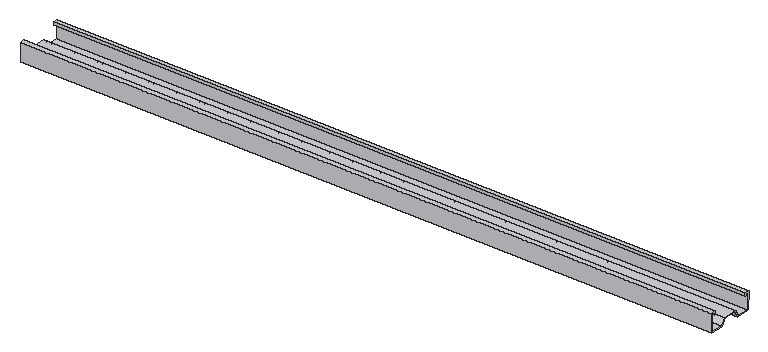
Revit family "TSN SigmaStud Two Lip", category Structural Framing, Revit 2026
Family settings
  Section Shape = Not Defined
  Material for Model Behavior = Other
  Always export as geometry = No
  Classification Number = 23.25.30.11.14.14
  Always vertical = Yes
  Cut with Voids When Loaded = No
  Symbolic Representation = From Family
  Shared = No
  Show family pre-cut in plan views = Yes
Parameters (values of type "800SG300-118, 50ksi")
  d2 = 0' - 0 1/2"
  d1 = 0' - 0.768"
  Version = "2.0"
  URL = "http://www.steelnetwork.com/product.aspx/SigmaStud"
  T = 0' - 0.124"
  Section_DB = 7
  N = 0' - 2 1/4"
  Manufacturer = "The Steel Network, Inc."
  Length [instance] = 10' - 0"
  Delta = T / tan(45.00° + Ceta / 2)  # 0' - 0.06873"
  D = 0' - 8"
  Ceta = atan((D / 2 - A - N / 2) / C)  # 32.0054°
  C = 0' - 1"
  B = 0' - 3"
  A = 0' - 2 1/4"
Types (37): name | d2 | d1 | T | Delta | D | B | A
  (no name) | 0' - 0 125/256" | 0' - 0 1/2" | 0' - 0 3/64" | 0' - 0.02598" | 0' - 8" | 0' - 1 5/8" | 0' - 2 1/4"
  550SG200-33, 50ksi | 0' - 0 1/2" | 0' - 0.5892" | 0' - 0.0346" | 0' - 0.01918" | 0' - 5 1/2" | 0' - 2" | 0' - 1"
  550SG200-43, 50ksi | 0' - 0 1/2" | 0' - 0.6102" | 0' - 0.0451" | 0' - 0.025" | 0' - 5 1/2" | 0' - 2" | 0' - 1"
  550SG250-33, 50ksi | 0' - 0 1/2" | 0' - 0.5892" | 0' - 0.0346" | 0' - 0.01918" | 0' - 5 1/2" | 0' - 2 1/2" | 0' - 1"
  550SG250-43, 50ksi | 0' - 0 1/2" | 0' - 0.6102" | 0' - 0.0451" | 0' - 0.025" | 0' - 5 1/2" | 0' - 2 1/2" | 0' - 1"
  550SG250-54, 50ksi | 0' - 0 1/2" | 0' - 0.6332" | 0' - 0.0566" | 0' - 0.03137" | 0' - 5 1/2" | 0' - 2 1/2" | 0' - 1"
  550SG250-68, 50ksi | 0' - 0 1/2" | 0' - 0.6626" | 0' - 0.0713" | 0' - 0.03952" | 0' - 5 1/2" | 0' - 2 1/2" | 0' - 1"
  550SG250-97, 50ksi | 0' - 0 1/2" | 0' - 0.7234" | 0' - 0.1017" | 0' - 0.05637" | 0' - 5 1/2" | 0' - 2 1/2" | 0' - 1"
  550SG300-43, 50ksi | 0' - 0 1/2" | 0' - 0.6102" | 0' - 0.0451" | 0' - 0.025" | 0' - 5 1/2" | 0' - 3" | 0' - 1"
  550SG300-54, 50ksi | 0' - 0 1/2" | 0' - 0.6332" | 0' - 0.0566" | 0' - 0.03137" | 0' - 5 1/2" | 0' - 3" | 0' - 1"
  550SG300-68, 50ksi | 0' - 0 1/2" | 0' - 0.6626" | 0' - 0.0713" | 0' - 0.03952" | 0' - 5 1/2" | 0' - 3" | 0' - 1"
  550SG300-97, 50ksi | 0' - 0 1/2" | 0' - 0.7234" | 0' - 0.1017" | 0' - 0.05637" | 0' - 5 1/2" | 0' - 3" | 0' - 1"
  550SG300-118, 50ksi | 0' - 0 1/2" | 0' - 0.768" | 0' - 0.124" | 0' - 0.06873" | 0' - 5 1/2" | 0' - 3" | 0' - 1"
  600SG200-33, 50ksi | 0' - 0 1/2" | 0' - 0.5892" | 0' - 0.0346" | 0' - 0.01918" | 0' - 6" | 0' - 2" | 0' - 1 1/4"
  600SG200-43, 50ksi | 0' - 0 1/2" | 0' - 0.6102" | 0' - 0.0451" | 0' - 0.025" | 0' - 6" | 0' - 2" | 0' - 1 1/4"
  600SG250-33, 50ksi | 0' - 0 1/2" | 0' - 0.5892" | 0' - 0.0346" | 0' - 0.01918" | 0' - 6" | 0' - 2 1/2" | 0' - 1 1/4"
  600SG250-43, 50ksi | 0' - 0 1/2" | 0' - 0.6102" | 0' - 0.0451" | 0' - 0.025" | 0' - 6" | 0' - 2 1/2" | 0' - 1 1/4"
  600SG250-54, 50ksi | 0' - 0 1/2" | 0' - 0.6332" | 0' - 0.0566" | 0' - 0.03137" | 0' - 6" | 0' - 2 1/2" | 0' - 1 1/4"
  600SG250-68, 50ksi | 0' - 0 1/2" | 0' - 0.6626" | 0' - 0.0713" | 0' - 0.03952" | 0' - 6" | 0' - 2 1/2" | 0' - 1 1/4"
  600SG250-97, 50ksi | 0' - 0 1/2" | 0' - 0.7234" | 0' - 0.1017" | 0' - 0.05637" | 0' - 6" | 0' - 2 1/2" | 0' - 1 1/4"
  600SG300-43, 50ksi | 0' - 0 1/2" | 0' - 0.6102" | 0' - 0.0451" | 0' - 0.025" | 0' - 6" | 0' - 3" | 0' - 1 1/4"
  600SG300-54, 50ksi | 0' - 0 1/2" | 0' - 0.6332" | 0' - 0.0566" | 0' - 0.03137" | 0' - 6" | 0' - 3" | 0' - 1 1/4"
  600SG300-68, 50ksi | 0' - 0 1/2" | 0' - 0.6626" | 0' - 0.0713" | 0' - 0.03952" | 0' - 6" | 0' - 3" | 0' - 1 1/4"
  600SG300-97, 50ksi | 0' - 0 1/2" | 0' - 0.7234" | 0' - 0.1017" | 0' - 0.05637" | 0' - 6" | 0' - 3" | 0' - 1 1/4"
  600SG300-118, 50ksi | 0' - 0 1/2" | 0' - 0.768" | 0' - 0.124" | 0' - 0.06873" | 0' - 6" | 0' - 3" | 0' - 1 1/4"
  800SG200-33, 50ksi | 0' - 0 1/2" | 0' - 0.5892" | 0' - 0.0346" | 0' - 0.01918" | 0' - 8" | 0' - 2" | 0' - 2 1/4"
  800SG200-43, 50ksi | 0' - 0 1/2" | 0' - 0.6102" | 0' - 0.0451" | 0' - 0.025" | 0' - 8" | 0' - 2" | 0' - 2 1/4"
  800SG250-33, 50ksi | 0' - 0 1/2" | 0' - 0.5892" | 0' - 0.0346" | 0' - 0.01918" | 0' - 8" | 0' - 2 1/2" | 0' - 2 1/4"
  800SG250-43, 50ksi | 0' - 0 1/2" | 0' - 0.6102" | 0' - 0.0451" | 0' - 0.025" | 0' - 8" | 0' - 2 1/2" | 0' - 2 1/4"
  800SG250-54, 50ksi | 0' - 0 1/2" | 0' - 0.6332" | 0' - 0.0566" | 0' - 0.03137" | 0' - 8" | 0' - 2 1/2" | 0' - 2 1/4"
  800SG250-68, 50ksi | 0' - 0 1/2" | 0' - 0.6626" | 0' - 0.0713" | 0' - 0.03952" | 0' - 8" | 0' - 2 1/2" | 0' - 2 1/4"
  800SG250-97, 50ksi | 0' - 0 1/2" | 0' - 0.7234" | 0' - 0.1017" | 0' - 0.05637" | 0' - 8" | 0' - 2 1/2" | 0' - 2 1/4"
  800SG300-43, 50ksi | 0' - 0 1/2" | 0' - 0.6102" | 0' - 0.0451" | 0' - 0.025" | 0' - 8" | 0' - 3" | 0' - 2 1/4"
  800SG300-54, 50ksi | 0' - 0 1/2" | 0' - 0.6332" | 0' - 0.0566" | 0' - 0.03137" | 0' - 8" | 0' - 3" | 0' - 2 1/4"
  800SG300-68, 50ksi | 0' - 0 1/2" | 0' - 0.6626" | 0' - 0.0713" | 0' - 0.03952" | 0' - 8" | 0' - 3" | 0' - 2 1/4"
  800SG300-97, 50ksi | 0' - 0 1/2" | 0' - 0.7234" | 0' - 0.1017" | 0' - 0.05637" | 0' - 8" | 0' - 3" | 0' - 2 1/4"
  800SG300-118, 50ksi | 0' - 0 1/2" | 0' - 0.768" | 0' - 0.124" | 0' - 0.06873" | 0' - 8" | 0' - 3" | 0' - 2 1/4"
Reference planes (in)
  plane 1 "Center (Front/Back)": y = 0
  plane 2 "Center El.": z = 0
  plane 3 "Center (Left/Right)": x = 0
  plane 4 "Left": x = -60
  plane 5 "Right": x = 60
  plane 6: z = 0
  plane 7: y = -1.125
  plane 8: y = 1.125
  plane 9: y = -1.75
  plane 10: y = 1.75527
  plane 11: y = -1.81873
  plane 12: y = 1.824
  plane 13: y = -1.19373
  plane 14: y = 1.19373
Forms (in)
  Extrusion 1, solid
    sketch origin (60, 0, 0) x (0, -1, 0) y (0, 0, 1)
      loop
        line (3.232, 3) -> (3.232, 2.5) -> (3.356, 2.5) -> (3.356, 2.876) -> (3.876, 2.876) -> (3.876, 0.124) -> (1.81873, 0.124) -> (1.19373, 1.124) -> (-1.19373, 1.124) -> (-1.824, 0.124) -> (-3.876, 0.124) -> (-3.876, 2.876) -> (-3.356, 2.876) -> (-3.356, 2.5) -> (-3.232, 2.5) -> (-3.232, 3) -> (-4, 3) -> (-4, 0) -> (-1.75527, 0) -> (-1.125, 1) -> (1.125, 1) -> (1.75, 0) -> (4, 0) -> (4, 3) -> (3.232, 3)
    from 0 to 120
Lines and regions (in)
  model lines, style "Stick Symbols", detail levels coarse
    curve 1: line (-60, 0, 0) -> (60, 0, 0)
Dimensions and locks (in)
  equal spacing: plane 4 "Left", plane 3 "Center (Left/Right)", plane 5 "Right"
  "Length": plane 4 "Left" to plane 5 "Right"
  "N": plane 7 to plane 8
  equal spacing: plane 7, plane 1 "Center (Front/Back)", plane 8
  "d1": Extrusion 1 to Extrusion 1  (x2)
  "T": Extrusion 1 to Extrusion 1  (x7)
  "B": Extrusion 1 to Extrusion 1
  "C": level to Extrusion 1
  "D": Extrusion 1 to Extrusion 1
  equal spacing: Extrusion 1, plane 1 "Center (Front/Back)", Extrusion 1
  "Delta": plane 11 to plane 9
  "Delta": plane 10 to plane 12
  "Delta": plane 13 to plane 7
  "Delta": plane 8 to plane 14
  "d2": Extrusion 1 to Extrusion 1
  aligned and locked: plane 1 "Center (Front/Back)" to curve 1
  aligned and locked: Extrusion 1 to Extrusion 1  (x4)
  aligned: plane 4 "Left" to Extrusion 1
  aligned: Extrusion 1 to plane 5 "Right"
  aligned and locked: Extrusion 1 to plane 5 "Right"
  aligned and locked: plane 4 "Left" to Extrusion 1
Automatic sketch dimensions
  curve 1 to plane 4 "Left" = 0' - 0"
  curve 1 to plane 5 "Right" = 0' - 0"
  Extrusion 1 sketch curve to level = 0' - 0"  (x2)
  Extrusion 1 sketch curve to plane 12 = 0' - 0"
  Extrusion 1 sketch curve to plane 10 = 0' - 0"
  Extrusion 1 sketch curve to plane 14 = 0' - 0"
  Extrusion 1 sketch curve to plane 8 = 0' - 0"
  Extrusion 1 sketch curve to plane 7 = 0' - 0"
  Extrusion 1 sketch curve to plane 13 = 0' - 0"
  Extrusion 1 sketch curve to plane 9 = 0' - 0"
  Extrusion 1 sketch curve to plane 11 = 0' - 0"
  plane 12 to Extrusion 1 sketch curve = 0' - 1.408"
  Extrusion 1 sketch curve to Extrusion 1 sketch curve = 0' - 0.124"  (x7)
  level to Extrusion 1 sketch curve = 0' - 0.124"  (x2)
  Extrusion 1 sketch curve to Extrusion 1 sketch curve = 0' - 0.52"  (x2)
  Extrusion 1 sketch curve to plane 11 = 0' - 1.41327"
  level to Extrusion 1 sketch curve = 0' - 1"
  level to Extrusion 1 sketch curve = 0' - 2 1/2"  (x2)
  Extrusion 1 sketch curve to Extrusion 1 sketch curve = 0' - 0.376"  (x2)
